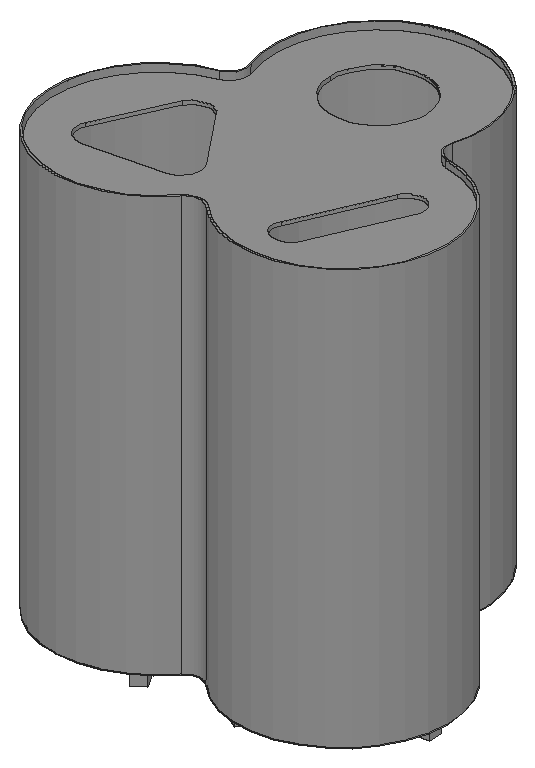
Revit family "Урна уличная «Трио» Арт 14030", category Антураж, Revit 2018
Family settings
  На основе рабочей плоскости = Нет
  Всегда вертикально = Да
  При загрузке вырезать с полостями = Нет
  Источник визуального образа = Геометрия семейства
  Общий = Нет
  Точка расчета площади = Нет
Parameters (values of type "Урна уличная «Трио»")
  Ширина = 525 mm  # constant formula
  Цвет урны = Синий
  Цвет крышки = Сталь
  Описание = "Урна уличная «Трио»"  # constant formula
  Материал изделия = "Сталь"  # constant formula
  Изображение типоразмера = Урна уличная «Трио» Арт 14030.jpg
  Изготовитель = "ООО «Хоббика»"  # constant formula
  Длина = 560 mm  # constant formula
  Группа модели = "Уличные урны"  # constant formula
  Высота = 626 mm  # constant formula
  Артикул товара = "Арт. 14030"  # constant formula
  URL = "https://hobbyka.ru/product/urna_ulichnaya_trio/"
Reference planes
  plane 1 "По центру (Вперед/Назад)": y = 0
  plane 2: z = 0
  plane 3 "По центру (Влево/Вправо)": x = 0
  plane 4: x = 560
  plane 5: y = 525
  plane 6: z = 626
Forms (mm)
  Extrusion 1, solid, material "Синий" <- "Цвет урны"
    sketch origin (0, 0, 0) x (1, 0, 0) y (0, 1, 0)
      loop
        arc (121.571, 297.281) -> (19.847, 75.434) -> (262.677, 50.985) r 150
        arc (262.677, 50.985) -> (280, 57.96) -> (297.323, 50.985) r 25
        arc (297.323, 50.985) -> (540.153, 75.434) -> (438.429, 297.281) r 150
        arc (438.429, 297.281) -> (424.647, 308.51) -> (421.79, 326.057) r 25.041
        arc (421.79, 326.057) -> (280, 525) -> (138.21, 326.057) r 150
        arc (138.21, 326.057) -> (135.353, 308.51) -> (121.571, 297.281) r 25.041
      loop
        arc (419.858, 326.588) -> (280, 523) -> (140.142, 326.588) r 148
        arc (140.142, 326.588) -> (137.085, 307.51) -> (122.075, 295.342) r 27.041
        arc (122.075, 295.342) -> (21.571, 76.448) -> (261.229, 52.367) r 148
        arc (261.229, 52.367) -> (280, 59.96) -> (298.771, 52.367) r 27
        arc (298.771, 52.367) -> (538.429, 76.448) -> (437.925, 295.342) r 148
        arc (437.925, 295.342) -> (422.915, 307.51) -> (419.858, 326.588) r 27.041
    from 26 to 626
  Extrusion 2, solid, material "Синий" <- "Цвет урны"
    sketch origin (0, 0, 0) x (1, 0, 0) y (0, 1, 0)
      loop
        arc (421.79, 326.057) -> (280, 525) -> (138.21, 326.057) r 150
        arc (138.21, 326.057) -> (135.353, 308.51) -> (121.571, 297.281) r 25.041
        arc (121.571, 297.281) -> (19.847, 75.434) -> (262.677, 50.985) r 150
        arc (262.677, 50.985) -> (280, 57.96) -> (297.323, 50.985) r 25
        arc (297.323, 50.985) -> (540.153, 75.434) -> (438.429, 297.281) r 150
        arc (438.429, 297.281) -> (424.647, 308.51) -> (421.79, 326.057) r 25.041
    from 25 to 26
  Extrusion 3, solid, material "Сталь" <- "Цвет крышки"
    sketch origin (0, 0, 0) x (1, 0, 0) y (0, 1, 0)
      loop
        arc (122.075, 295.342) -> (21.571, 76.448) -> (261.229, 52.367) r 148
        arc (261.229, 52.367) -> (280, 59.96) -> (298.771, 52.367) r 27
        arc (298.771, 52.367) -> (538.429, 76.448) -> (437.925, 295.342) r 148
        arc (437.925, 295.342) -> (422.915, 307.51) -> (419.858, 326.588) r 27.041
        arc (419.858, 326.588) -> (280, 523) -> (140.142, 326.588) r 148
        arc (140.142, 326.588) -> (137.085, 307.51) -> (122.075, 295.342) r 27.041
      loop
        circle (280, 375) r 68
      loop
        arc (372.576, 88.927) -> (384.087, 55.497) -> (417.516, 67.008) r 25
        line (417.516, 67.008) -> (478.888, 192.839)
        arc (478.888, 192.839) -> (467.377, 226.268) -> (433.948, 214.758) r 25
        line (433.948, 214.758) -> (372.576, 88.927)
      loop
        arc (67.182, 127.532) -> (69.57, 101.026) -> (92.812, 88.064) r 28.483
        line (92.812, 88.064) -> (208.809, 94.143)
        arc (208.809, 94.143) -> (230.569, 109.464) -> (230.174, 136.074) r 28.483
        line (230.174, 136.074) -> (166.911, 233.49)
        arc (166.911, 233.49) -> (142.763, 244.675) -> (119.916, 231.028) r 28.483
        line (119.916, 231.028) -> (67.182, 127.532)
    from 611 to 616
  Extrusion 4, solid, material "Черный"
    sketch origin (-966.235, 525, 0) x (1, 0, 0) y (0, 1, 0)
      loop
        line (1236.235, -40) -> (1256.235, -40) -> (1256.235, -20) -> (1236.235, -20) -> (1236.235, -40)
      loop
        line (1346.498, -196.34) -> (1336.498, -213.66) -> (1353.819, -223.66) -> (1363.819, -206.34) -> (1346.498, -196.34)
      loop
        line (1155.973, -213.66) -> (1145.973, -196.34) -> (1128.652, -206.34) -> (1138.652, -223.66) -> (1155.973, -213.66)
    from 0 to 25
  Extrusion 5, solid, material "Черный"
    sketch origin (560, -1096.235, 0) x (0, 1, 0) y (-1, 0, 0)
      loop
        line (1236.235, 40) -> (1236.235, 20) -> (1256.235, 20) -> (1256.235, 40) -> (1236.235, 40)
      loop
        line (1346.498, 196.34) -> (1363.819, 206.34) -> (1353.819, 223.66) -> (1336.498, 213.66) -> (1346.498, 196.34)
      loop
        line (1155.973, 213.66) -> (1138.652, 223.66) -> (1128.652, 206.34) -> (1145.973, 196.34) -> (1155.973, 213.66)
    from 0 to 25
  Extrusion 6, solid, material "Черный"
    sketch origin (0, -1096.235, 0) x (0, 1, 0) y (-1, 0, 0)
      loop
        line (1236.235, -40) -> (1256.235, -40) -> (1256.235, -20) -> (1236.235, -20) -> (1236.235, -40)
      loop
        line (1346.498, -196.34) -> (1336.498, -213.66) -> (1353.819, -223.66) -> (1363.819, -206.34) -> (1346.498, -196.34)
      loop
        line (1155.973, -213.66) -> (1145.973, -196.34) -> (1128.652, -206.34) -> (1138.652, -223.66) -> (1155.973, -213.66)
    from 0 to 25
Cuts and joins
  joined: Extrusion 1, Extrusion 2
Dimensions and locks
  "Длина": plane 3 "По центру (Влево/Вправо)" to plane 4
  "Ширина": plane 5 to plane 1 "По центру (Вперед/Назад)"
  "Высота": plane 6 to plane 2
  aligned and locked: level to plane 2
Automatic sketch dimensions
  Extrusion 1 sketch curve to Extrusion 1 sketch curve = 0 mm  (x12)
  plane 3 "По центру (Влево/Вправо)" to Extrusion 1 sketch curve = 113.675 mm
  plane 3 "По центру (Влево/Вправо)" to Extrusion 1 sketch curve = 150 mm
  Extrusion 1 sketch curve to plane 1 "По центру (Вперед/Назад)" = 32.96 mm
  Extrusion 1 sketch curve to Extrusion 1 sketch curve = 130 mm
  Extrusion 1 sketch curve to plane 5 = 150 mm
  Extrusion 1 sketch curve to Extrusion 1 sketch curve = 166.325 mm
  Extrusion 1 sketch curve to plane 4 = 150 mm
  Extrusion 1 sketch curve to plane 4 = 113.675 mm
  Extrusion 1 sketch curve to plane 1 "По центру (Вперед/Назад)" = 150 mm  (x2)
  Extrusion 1 sketch curve to Extrusion 1 sketch curve = 53.955 mm  (x2)
  Extrusion 1 sketch curve to Extrusion 1 sketch curve = 7.896 mm
  Extrusion 1 sketch curve to Extrusion 1 sketch curve = 0.504 mm
  Extrusion 1 sketch curve to Extrusion 1 sketch curve = 24.535 mm
  Extrusion 1 sketch curve to Extrusion 1 sketch curve = 1.932 mm  (x2)
  Extrusion 1 sketch curve to Extrusion 1 sketch curve = 18.771 mm
  Extrusion 1 sketch curve to Extrusion 1 sketch curve = 1.448 mm  (x2)
  Extrusion 1 sketch curve to Extrusion 1 sketch curve = 17.323 mm
  Extrusion 1 sketch curve to Extrusion 1 sketch curve = 26.467 mm
  Extrusion 1 sketch curve to Extrusion 1 sketch curve = 18.025 mm
  Extrusion 1 sketch curve to Extrusion 1 sketch curve = 1.382 mm
  plane 3 "По центру (Влево/Вправо)" to Extrusion 2 sketch curve = 113.675 mm
  plane 3 "По центру (Влево/Вправо)" to Extrusion 2 sketch curve = 150 mm
  Extrusion 2 sketch curve to Extrusion 2 sketch curve = 166.325 mm
  Extrusion 2 sketch curve to plane 1 "По центру (Вперед/Назад)" = 32.96 mm
  Extrusion 2 sketch curve to Extrusion 2 sketch curve = 130 mm
  Extrusion 2 sketch curve to plane 4 = 150 mm
  Extrusion 2 sketch curve to plane 4 = 113.675 mm
  Extrusion 2 sketch curve to plane 1 "По центру (Вперед/Назад)" = 150 mm  (x2)
  Extrusion 2 sketch curve to Extrusion 2 sketch curve = 171.045 mm  (x2)
  Extrusion 2 sketch curve to plane 5 = 150 mm
  Extrusion 2 sketch curve to Extrusion 2 sketch curve = 7.896 mm
  Extrusion 2 sketch curve to Extrusion 2 sketch curve = 24.535 mm  (x2)
  Extrusion 2 sketch curve to Extrusion 2 sketch curve = 17.323 mm  (x2)
  Extrusion 2 sketch curve to Extrusion 2 sketch curve = 18.025 mm
  Extrusion 3 sketch curve to Extrusion 3 sketch curve = 0 mm  (x2)
  plane 3 "По центру (Влево/Вправо)" to Extrusion 3 sketch curve = 67.182 mm
  Extrusion 3 sketch curve to Extrusion 3 sketch curve = 25.631 mm
  Extrusion 3 sketch curve to Extrusion 3 sketch curve = 26.276 mm
  plane 3 "По центру (Влево/Вправо)" to Extrusion 3 sketch curve = 113.675 mm
  Extrusion 3 sketch curve to Extrusion 3 sketch curve = 6.241 mm
  Extrusion 3 sketch curve to Extrusion 3 sketch curve = 24.338 mm
  Extrusion 3 sketch curve to Extrusion 3 sketch curve = 56.542 mm
  Extrusion 3 sketch curve to Extrusion 3 sketch curve = 22.658 mm
  Extrusion 3 sketch curve to Extrusion 3 sketch curve = 55.191 mm
  Extrusion 3 sketch curve to plane 1 "По центру (Вперед/Назад)" = 94.143 mm
  Extrusion 3 sketch curve to Extrusion 3 sketch curve = 3.618 mm
  Extrusion 3 sketch curve to plane 1 "По центру (Вперед/Назад)" = 136.074 mm
  Extrusion 3 sketch curve to Extrusion 3 sketch curve = 24.983 mm
  Extrusion 3 sketch curve to Extrusion 3 sketch curve = 166.325 mm
  Extrusion 3 sketch curve to plane 1 "По центру (Вперед/Назад)" = 32.96 mm
  Extrusion 3 sketch curve to Extrusion 3 sketch curve = 71.191 mm
  Extrusion 3 sketch curve to plane 1 "По центру (Вперед/Назад)" = 88.927 mm
  Extrusion 3 sketch curve to Extrusion 3 sketch curve = 92.576 mm
  Extrusion 3 sketch curve to Extrusion 3 sketch curve = 22.47 mm  (x4)
  Extrusion 3 sketch curve to Extrusion 3 sketch curve = 37.424 mm
  Extrusion 3 sketch curve to plane 1 "По центру (Вперед/Назад)" = 67.008 mm
  Extrusion 3 sketch curve to Extrusion 3 sketch curve = 23.948 mm
  Extrusion 3 sketch curve to Extrusion 3 sketch curve = 12.377 mm
  Extrusion 3 sketch curve to plane 1 "По центру (Вперед/Назад)" = 88.064 mm
  Extrusion 3 sketch curve to Extrusion 3 sketch curve = 28.475 mm
  Extrusion 3 sketch curve to Extrusion 3 sketch curve = 61.073 mm
  Extrusion 3 sketch curve to Extrusion 3 sketch curve = 27.605 mm
  Extrusion 3 sketch curve to Extrusion 3 sketch curve = 42.839 mm
  Extrusion 3 sketch curve to Extrusion 3 sketch curve = 10.959 mm
  Extrusion 3 sketch curve to Extrusion 3 sketch curve = 66.231 mm
  Extrusion 3 sketch curve to Extrusion 3 sketch curve = 14.796 mm
  Extrusion 3 sketch curve to Extrusion 3 sketch curve = 90.018 mm
  Extrusion 3 sketch curve to Extrusion 3 sketch curve = 106.287 mm
  Extrusion 3 sketch curve to plane 5 = 150 mm
  Extrusion 3 sketch curve to Extrusion 3 sketch curve = 8.401 mm
  Extrusion 3 sketch curve to Extrusion 3 sketch curve = 26.467 mm  (x2)
  Extrusion 3 sketch curve to Extrusion 3 sketch curve = 18.771 mm  (x2)
  Extrusion 3 sketch curve to Extrusion 3 sketch curve = 19.407 mm
  plane 3 "По центру (Влево/Вправо)" to Extrusion 4 sketch curve = 162.417 mm
  Extrusion 4 sketch curve to Extrusion 4 sketch curve = 10 mm  (x4)
  Extrusion 4 sketch curve to Extrusion 4 sketch curve = 17.321 mm  (x2)
  Extrusion 4 sketch curve to plane 5 = 20 mm
  Extrusion 4 sketch curve to Extrusion 4 sketch curve = 90.263 mm
  Extrusion 4 sketch curve to Extrusion 4 sketch curve = 20 mm  (x2)
  Extrusion 4 sketch curve to Extrusion 4 sketch curve = 180.526 mm
  Extrusion 4 sketch curve to Extrusion 4 sketch curve = 156.34 mm  (x2)
  Extrusion 5 sketch curve to plane 1 "По центру (Вперед/Назад)" = 32.417 mm
  Extrusion 5 sketch curve to Extrusion 5 sketch curve = 10 mm  (x4)
  Extrusion 5 sketch curve to Extrusion 5 sketch curve = 17.321 mm  (x2)
  Extrusion 5 sketch curve to plane 4 = 20 mm
  Extrusion 5 sketch curve to plane 1 "По центру (Вперед/Назад)" = 140 mm
  Extrusion 5 sketch curve to Extrusion 5 sketch curve = 20 mm  (x2)
  Extrusion 5 sketch curve to Extrusion 5 sketch curve = 180.526 mm
  Extrusion 5 sketch curve to Extrusion 5 sketch curve = 156.34 mm  (x2)
  Extrusion 6 sketch curve to plane 1 "По центру (Вперед/Назад)" = 32.417 mm
  Extrusion 6 sketch curve to Extrusion 6 sketch curve = 10 mm  (x4)
  Extrusion 6 sketch curve to Extrusion 6 sketch curve = 17.321 mm  (x2)
  plane 3 "По центру (Влево/Вправо)" to Extrusion 6 sketch curve = 20 mm
  Extrusion 6 sketch curve to plane 1 "По центру (Вперед/Назад)" = 140 mm
  Extrusion 6 sketch curve to Extrusion 6 sketch curve = 20 mm  (x2)
  Extrusion 6 sketch curve to Extrusion 6 sketch curve = 180.526 mm
  Extrusion 6 sketch curve to Extrusion 6 sketch curve = 156.34 mm  (x2)
  radius of Extrusion 3 sketch curve = 68 mm
